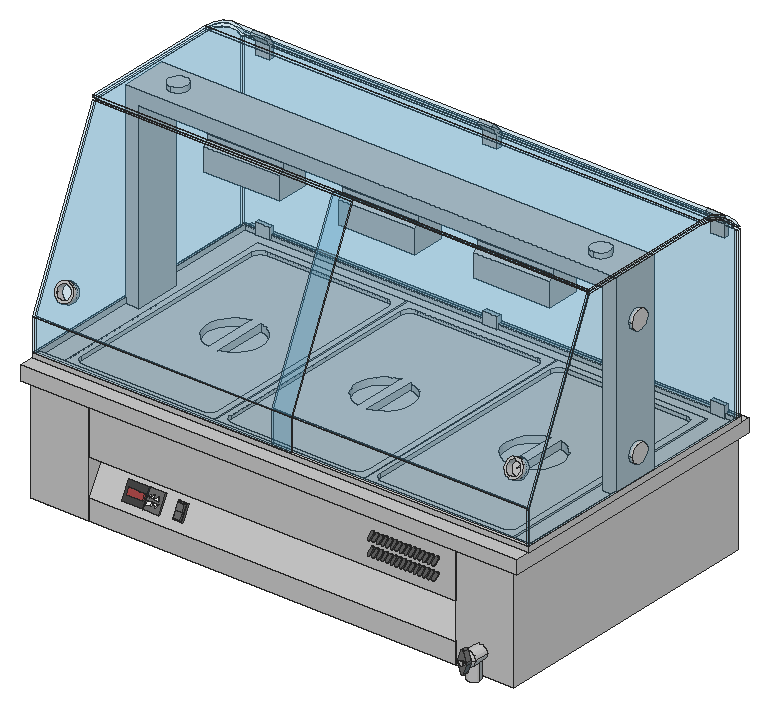
Revit family "QF_INOMAK_MBV610_250605101657", category Specialty Equipment, Revit 2021
Family settings
  Round Connector Dimension = Use Diameter
  Part Type = Normal
  OmniClass Number = 23.40.40.14
  OmniClass Title = Food Service Equipment
  Work Plane-Based = No
  Always vertical = Yes
  Cut with Voids When Loaded = No
  Shared = No
  Room Calculation Point = No
Parameters (values of type "MBV610")
  Weight [instance] = 58.0009 kg
  Waste Water Discharge Temperature [instance] = 0 °C
  Waste Remarks [instance] = ""
  Warranty Start Date [instance] = ""
  Warranty Duration [instance] = ""
  Volts [instance] = 230 V
  Volt Free Conn [instance] = no
  URL Recommended Spares List [instance] = ""
  URL Manufacturer [instance] = ""
  URL Cutsheet [instance] = ""
  URL Critical Spares List [instance] = ""
  URL = "www.inomak.com"
  Technical Documentation [instance] = ""
  Tag Number [instance] = ""
  Status [instance] = ""
  Start Up Current [instance] = 0 A
  Specification by User [instance] = ""
  Specification by Manufacturer [instance] = ""
  Sound Level [instance] = ""
  Show Logo [instance] = yes
  Show Clearances [instance] = yes
  Service Life Duration [instance] = ""
  Serial Number [instance] = ""
  Seismic Rating [instance] = ""
  SMACNA No [instance] = ""
  Revision Code [instance] = ""
  Revision [instance] = ""
  Production Year [instance] = ""
  Potential Equalisation [instance] = no
  Point Load [instance] = 0
  Plumbing Connection Type [instance] = ""
  Phase [instance] = 1
  Other Equipment Approvals [instance] = ""
  Operational Current [instance] = 0 A
  Number of Poles [instance] = 2
  No Load Power Draw [instance] = no
  NAFEM Spec ID Number [instance] = ""
  Model Warning [instance] = ""
  Model = "MBV610"
  Min Ckt Ampacity [instance] = 0 A
  Max Overcurrent Protection [instance] = 16 A
  Masterspec [instance] = ""
  Manufacturer = "INOMAK"
  Main switch integrated [instance] = no
  Length Actual [instance] = 1077.976 mm
  Item Number [instance] = ""
  Installed By [instance] = ""
  Installation Date [instance] = ""
  Indirect Waste Size [instance] = 25.4 mm
  Indirect Waste Remarks [instance] = ""
  Indirect Waste Flow [instance] = 0.0 L/s
  Indirect Waste Connection Type [instance] = ""
  Indirect Waste Connection Height [instance] = 0 mm
  Identify Quantity as Lot [instance] = no
  ID [instance] = ""
  Hygiene Approval [instance] = ""
  Height Actual [instance] = 707.898 mm
  HP power [instance] = ""
  Furnished By [instance] = ""
  Foodservice Equipment Identifier [instance] = no
  FL Amps [instance] = 10.4 A
  Electrical Remarks [instance] = ""
  Electric power [instance] = 2390 W
  Electric Connection Type [instance] = ""
  Elec Conn RI Height [instance] = 0 mm
  Elec Conn Connection Height [instance] = 0 mm
  ETL Approved [instance] = no
  Direct Waste Water Discharge Temperature [instance] = -273.15 °C
  Direct Waste Size [instance] = 25.4 mm
  Direct Waste RI Height [instance] = 0 mm
  Direct Waste Flow [instance] = 0.0 L/s
  Direct Waste Connection Height [instance] = 0 mm
  Description = "PORTABLE BAIN MARIE WITH 3 GN PANS CAPACITY AND SHOWCASE"
  Depth Actual [instance] = 628.904 mm
  Default Elevation = 0 mm
  Cycle [instance] = 50 Hz
  Cost = 0
  Connection to energy optimisation system [instance] = yes
  Conn Plug [instance] = ""
  Conn Conduit [instance] = no
  Centralized building control system with digital interface [instance] = ""
  CSI MasterFormat [instance] = ""
  CE Approved [instance] = no
  Barcode [instance] = 0
  Author [instance] = ""
  Asset Identifier [instance] = ""
  Apparent Power [instance] = 2390 VA
  Accessory [instance] = no
Reference planes
  plane 1 "Center (Front/Back)": y = 0
  plane 2: z = 0
  plane 3 "Center (Left/Right)": x = 0
Forms (mm)
  Extrusion 1, solid, not visible
    sketch origin (995.049, -600.029, 12.001) x (1, 0, 0) y (0, 1, 0)
      loop
        line (-2, 2) -> (-2, -2) -> (2, -2) -> (2, 2) -> (-2, 2)
    from -2 to 2
  Extrusion 2, solid, not visible
    sketch origin (80.004, -600.029, 12.001) x (1, 0, 0) y (0, 1, 0)
      loop
        line (-2, 2) -> (-2, -2) -> (2, -2) -> (2, 2) -> (-2, 2)
    from -2 to 2
Dimensions and locks
  locked: nested 2 to Extrusion 1 at 2  (x2)
  locked: nested 3 to Extrusion 2 at 2  (x2)
  aligned and locked: level to plane 2
Nested families
  nested 1: "QF_INOMAK_PORTABLE_BAIN_MARIES_1080_2920" at (0, 0, 0), type "MBV610"
    with Weight 58.0009 kg, Warranty Start Date "", Warranty Duration "", URL Cutsheet "", Technical Documentation "", Tag Number "", Status "", Specification by User "", Specification by Manufacturer "", Sound Level "", Solid Fuel Type "", Show Logo yes, Show Clearances yes, Service Life Duration "", Serial Number "", Seismic Rating "", SMACNA No "", Revision Code "", Revision "", Production Year "", Point Load 0, Other Equipment Approvals "", NAFEM Spec ID Number "", Model Warning "", Masterspec "", Length Actual 1077.976 mm, Item Number "", Installed By "", Installation Date "", Identify Quantity as Lot yes, ID "", Hygiene Approval "", Height Actual 707.898 mm, Furnished By "", Foodservice Equipment Identifier yes, ETL Approved yes, Depth Actual 628.904 mm, CSI MasterFormat "", CE Approved yes, Barcode "", Author "", Asset Identifier "", Accessory no
  nested 2: "CONN_POINT_DRAIN_2D___Generic_Annotation" at (995.049, -600.029, 10), type "CONN_POINT_DRAIN_2D___Generic_Annotation"
    with Onboard connection annotation symbol visibility yes
  nested 3: "CONN_POINT_ELE_2D___Generic_Annotation" at (80.004, -600.029, 10), type "CONN_POINT_ELE_2D___Generic_Annotation"
    with Onboard connection annotation symbol visibility yes
  nested 4: "QF_INOMAK_HEAT_WORKTOPS_HTVF_1080_4720" at (0, 0, 268), type "HTVF-1080-630"
    with Weight 0.00 kg, Warranty Start Date "", Warranty Duration "", URL Cutsheet "", Technical Documentation "", Tag Number "", Status "", Specification by User "", Specification by Manufacturer "", Sound Level "", Solid Fuel Type "", Show Logo yes, Show Clearances yes, Service Life Duration "", Serial Number "", Seismic Rating "", SMACNA No "", Revision Code "", Revision "", Production Year "", Point Load 0, Other Equipment Approvals "", NAFEM Spec ID Number "", Model Warning "", Masterspec "", Length Actual 1077.976 mm, Item Number "", Installed By "", Installation Date "", Identify Quantity as Lot yes, ID "", Hygiene Approval "", Height Actual 439.928 mm, Furnished By "", Foodservice Equipment Identifier yes, ETL Approved yes, Depth Actual 628.904 mm, CSI MasterFormat "", CE Approved yes, Barcode "", Author "", Asset Identifier "", Accessory yes
Connectors
  piping at (995.049, -600.029, 10), diameter 25.4, driven by "Indirect Waste Size", driven by "Direct Waste Flow"
    settings: on Extrusion 1, index 1, connector inside diameter 609.6 mm, connector length 0 mm, flow factor 0, pipe flow 0.0 L/s, pressure drop 0.0 Pa, fitting loss kfactor 0, connector angle 0.00°, fixture units 0, engagement length 0 mm, angle of deflection 0.00°, flow configuration 1, flow direction 2, fitting loss method 0, system type 16, joint type 0, gender type 0, connector reference index -1, connector utility 0, adjustable connector no, is connector primary yes, connector description "Waste connection for MBV610"
  electrical at (80.004, -600.029, 10), driven by "Apparent Power", driven by "Number of Poles", driven by "Volts"
    settings: on Extrusion 2, index 2, voltage 230 V, apparent load 0 VA, apparent load phase1 2390 VA, apparent load phase2 0 VA, apparent load phase3 0 VA, power factor 1, load classification "Other", number of poles 2, system type 31, power factor state 1, is connector primary yes, connector utility no, sub classification motor no, connector description "Electrical connection for MBV610"
Definition of nested family "QF_INOMAK_PORTABLE_BAIN_MARIES_1080_2920"
  Parameters (values of type "MBSQ610")
    Weight [instance] = 0.00 kg
    Warranty Start Date [instance] = ""
    Warranty Duration [instance] = ""
    URL Cutsheet [instance] = ""
    URL = "www.inomak.com"
    Technical Documentation [instance] = ""
    Tag Number [instance] = ""
    Status [instance] = ""
    Specification by User [instance] = ""
    Specification by Manufacturer [instance] = ""
    Sound Level [instance] = ""
    Solid Fuel Type [instance] = ""
    Show Logo [instance] = yes
    Show Clearances [instance] = yes
    Service Life Duration [instance] = ""
    Serial Number [instance] = ""
    Seismic Rating [instance] = ""
    SMACNA No [instance] = ""
    Revision Code [instance] = ""
    Revision [instance] = ""
    Production Year [instance] = ""
    Point Load [instance] = 0
    Other Equipment Approvals [instance] = ""
    NAFEM Spec ID Number [instance] = ""
    Model Warning [instance] = ""
    Model = "MBSQ610"
    Masterspec [instance] = ""
    Manufacturer = "INOMAK"
    Length Actual [instance] = 0 mm
    Item Number [instance] = ""
    Installed By [instance] = ""
    Installation Date [instance] = ""
    Identify Quantity as Lot [instance] = yes
    ID [instance] = ""
    Hygiene Approval [instance] = ""
    Height Actual [instance] = 0 mm
    Furnished By [instance] = ""
    Foodservice Equipment Identifier [instance] = yes
    ETL Approved [instance] = yes
    Description = "PORTABLE BAIN MARIE WITH 3 GN PANS CAPACITY AND SQUARE SHOWCASE"
    Depth Actual [instance] = 0 mm
    Default Elevation = 0 mm
    CSI MasterFormat [instance] = ""
    CE Approved [instance] = yes
    Barcode [instance] = ""
    Author [instance] = ""
    Asset Identifier [instance] = ""
    Assembly Code = "E1090320"
    Accessory [instance] = yes
  Types (5, lengths in mm): name | Model | Description
    MBV610 | "MBV610" | "PORTABLE BAIN MARIE WITH 3 GN PANS CAPACITY AND SHOWCASE"
    MAV610 | "MAV610" | "PORTABLE BAIN MARIE WITH 3 GN PANS CAPACITY"
    MEV610 | "MEV610" | "PORTABLE BAIN MARIE WITH 3 GN PANS CAPACITY AND SINGLE SNEEZE GUARD"
    MSV610 | "MSV610" | "PORTABLE BAIN MARIE WITH 3 GN PANS CAPACITY AND DOUBLE SNEEZE GUARD"
    MBSQ610 | "MBSQ610" | "PORTABLE BAIN MARIE WITH 3 GN PANS CAPACITY AND SQUARE SHOWCASE"
  Reference planes
    plane 1 "Back": y = 0
    plane 2: z = 0
    plane 3 "Left": x = 0
    plane 4 "Right": x = 1078
    plane 5 "Front": y = -629
    plane 6 "Top": z = 268
  Forms (mm)
    Extrusion 1, solid
      sketch origin (233.428, -636, -16.393) x (-1, 0, 0) y (0, 0, 1)
        loop
          arc (-522.253, 222.665) -> (-526.351, 223.763) -> (-527.449, 219.665) r 3
          line (-527.449, 219.665) -> (-518.449, 204.077)
          arc (-518.449, 204.077) -> (-514.351, 202.979) -> (-513.253, 207.077) r 3
          line (-513.253, 207.077) -> (-522.253, 222.665)
        loop
          arc (-532.253, 222.665) -> (-536.351, 223.763) -> (-537.449, 219.665) r 3
          line (-537.449, 219.665) -> (-528.449, 204.077)
          arc (-528.449, 204.077) -> (-524.351, 202.979) -> (-523.253, 207.077) r 3
          line (-523.253, 207.077) -> (-532.253, 222.665)
        loop
          arc (-542.253, 222.665) -> (-546.351, 223.763) -> (-547.449, 219.665) r 3
          line (-547.449, 219.665) -> (-538.449, 204.077)
          arc (-538.449, 204.077) -> (-534.351, 202.979) -> (-533.253, 207.077) r 3
          line (-533.253, 207.077) -> (-542.253, 222.665)
        loop
          arc (-552.253, 222.665) -> (-556.351, 223.763) -> (-557.449, 219.665) r 3
          line (-557.449, 219.665) -> (-548.449, 204.077)
          arc (-548.449, 204.077) -> (-544.351, 202.979) -> (-543.253, 207.077) r 3
          line (-543.253, 207.077) -> (-552.253, 222.665)
        loop
          arc (-562.253, 222.665) -> (-566.351, 223.763) -> (-567.449, 219.665) r 3
          line (-567.449, 219.665) -> (-558.449, 204.077)
          arc (-558.449, 204.077) -> (-554.351, 202.979) -> (-553.253, 207.077) r 3
          line (-553.253, 207.077) -> (-562.253, 222.665)
        loop
          arc (-572.253, 222.665) -> (-576.351, 223.763) -> (-577.449, 219.665) r 3
          line (-577.449, 219.665) -> (-568.449, 204.077)
          arc (-568.449, 204.077) -> (-564.351, 202.979) -> (-563.253, 207.077) r 3
          line (-563.253, 207.077) -> (-572.253, 222.665)
        loop
          arc (-582.253, 222.665) -> (-586.351, 223.763) -> (-587.449, 219.665) r 3
          line (-587.449, 219.665) -> (-578.449, 204.077)
          arc (-578.449, 204.077) -> (-574.351, 202.979) -> (-573.253, 207.077) r 3
          line (-573.253, 207.077) -> (-582.253, 222.665)
        loop
          arc (-592.253, 222.665) -> (-596.351, 223.763) -> (-597.449, 219.665) r 3
          line (-597.449, 219.665) -> (-588.449, 204.077)
          arc (-588.449, 204.077) -> (-584.351, 202.979) -> (-583.253, 207.077) r 3
          line (-583.253, 207.077) -> (-592.253, 222.665)
        loop
          arc (-602.253, 222.665) -> (-606.351, 223.763) -> (-607.449, 219.665) r 3
          line (-607.449, 219.665) -> (-598.449, 204.077)
          arc (-598.449, 204.077) -> (-594.351, 202.979) -> (-593.253, 207.077) r 3
          line (-593.253, 207.077) -> (-602.253, 222.665)
        loop
          arc (-612.253, 222.665) -> (-616.351, 223.763) -> (-617.449, 219.665) r 3
          line (-617.449, 219.665) -> (-608.449, 204.077)
          arc (-608.449, 204.077) -> (-604.351, 202.979) -> (-603.253, 207.077) r 3
          line (-603.253, 207.077) -> (-612.253, 222.665)
        loop
          arc (-622.253, 222.665) -> (-626.351, 223.763) -> (-627.449, 219.665) r 3
          line (-627.449, 219.665) -> (-618.449, 204.077)
          arc (-618.449, 204.077) -> (-614.351, 202.979) -> (-613.253, 207.077) r 3
          line (-613.253, 207.077) -> (-622.253, 222.665)
        loop
          arc (-632.253, 222.665) -> (-636.351, 223.763) -> (-637.449, 219.665) r 3
          line (-637.449, 219.665) -> (-628.449, 204.077)
          arc (-628.449, 204.077) -> (-624.351, 202.979) -> (-623.253, 207.077) r 3
          line (-623.253, 207.077) -> (-632.253, 222.665)
        loop
          arc (-642.253, 222.665) -> (-646.351, 223.763) -> (-647.449, 219.665) r 3
          line (-647.449, 219.665) -> (-638.449, 204.077)
          arc (-638.449, 204.077) -> (-634.351, 202.979) -> (-633.253, 207.077) r 3
          line (-633.253, 207.077) -> (-642.253, 222.665)
        loop
          arc (-652.253, 222.665) -> (-656.351, 223.763) -> (-657.449, 219.665) r 3
          line (-657.449, 219.665) -> (-648.449, 204.077)
          arc (-648.449, 204.077) -> (-644.351, 202.979) -> (-643.253, 207.077) r 3
          line (-643.253, 207.077) -> (-652.253, 222.665)
        loop
          arc (-662.253, 222.665) -> (-666.351, 223.763) -> (-667.449, 219.665) r 3
          line (-667.449, 219.665) -> (-658.449, 204.077)
          arc (-658.449, 204.077) -> (-654.351, 202.979) -> (-653.253, 207.077) r 3
          line (-653.253, 207.077) -> (-662.253, 222.665)
        loop
          arc (-522.253, 192.665) -> (-526.351, 193.763) -> (-527.449, 189.665) r 3
          line (-527.449, 189.665) -> (-518.449, 174.077)
          arc (-518.449, 174.077) -> (-514.351, 172.979) -> (-513.253, 177.077) r 3
          line (-513.253, 177.077) -> (-522.253, 192.665)
        loop
          arc (-532.253, 192.665) -> (-536.351, 193.763) -> (-537.449, 189.665) r 3
          line (-537.449, 189.665) -> (-528.449, 174.077)
          arc (-528.449, 174.077) -> (-524.351, 172.979) -> (-523.253, 177.077) r 3
          line (-523.253, 177.077) -> (-532.253, 192.665)
        loop
          arc (-542.253, 192.665) -> (-546.351, 193.763) -> (-547.449, 189.665) r 3
          line (-547.449, 189.665) -> (-538.449, 174.077)
          arc (-538.449, 174.077) -> (-534.351, 172.979) -> (-533.253, 177.077) r 3
          line (-533.253, 177.077) -> (-542.253, 192.665)
        loop
          arc (-552.253, 192.665) -> (-556.351, 193.763) -> (-557.449, 189.665) r 3
          line (-557.449, 189.665) -> (-548.449, 174.077)
          arc (-548.449, 174.077) -> (-544.351, 172.979) -> (-543.253, 177.077) r 3
          line (-543.253, 177.077) -> (-552.253, 192.665)
        loop
          arc (-562.253, 192.665) -> (-566.351, 193.763) -> (-567.449, 189.665) r 3
          line (-567.449, 189.665) -> (-558.449, 174.077)
          arc (-558.449, 174.077) -> (-554.351, 172.979) -> (-553.253, 177.077) r 3
          line (-553.253, 177.077) -> (-562.253, 192.665)
        loop
          arc (-572.253, 192.665) -> (-576.351, 193.763) -> (-577.449, 189.665) r 3
          line (-577.449, 189.665) -> (-568.449, 174.077)
          arc (-568.449, 174.077) -> (-564.351, 172.979) -> (-563.253, 177.077) r 3
          line (-563.253, 177.077) -> (-572.253, 192.665)
        loop
          arc (-582.253, 192.665) -> (-586.351, 193.763) -> (-587.449, 189.665) r 3
          line (-587.449, 189.665) -> (-578.449, 174.077)
          arc (-578.449, 174.077) -> (-574.351, 172.979) -> (-573.253, 177.077) r 3
          line (-573.253, 177.077) -> (-582.253, 192.665)
        loop
          arc (-592.253, 192.665) -> (-596.351, 193.763) -> (-597.449, 189.665) r 3
          line (-597.449, 189.665) -> (-588.449, 174.077)
          arc (-588.449, 174.077) -> (-584.351, 172.979) -> (-583.253, 177.077) r 3
          line (-583.253, 177.077) -> (-592.253, 192.665)
        loop
          arc (-602.253, 192.665) -> (-606.351, 193.763) -> (-607.449, 189.665) r 3
          line (-607.449, 189.665) -> (-598.449, 174.077)
          arc (-598.449, 174.077) -> (-594.351, 172.979) -> (-593.253, 177.077) r 3
          line (-593.253, 177.077) -> (-602.253, 192.665)
        loop
          arc (-612.253, 192.665) -> (-616.351, 193.763) -> (-617.449, 189.665) r 3
          line (-617.449, 189.665) -> (-608.449, 174.077)
          arc (-608.449, 174.077) -> (-604.351, 172.979) -> (-603.253, 177.077) r 3
          line (-603.253, 177.077) -> (-612.253, 192.665)
        loop
          arc (-622.253, 192.665) -> (-626.351, 193.763) -> (-627.449, 189.665) r 3
          line (-627.449, 189.665) -> (-618.449, 174.077)
          arc (-618.449, 174.077) -> (-614.351, 172.979) -> (-613.253, 177.077) r 3
          line (-613.253, 177.077) -> (-622.253, 192.665)
        loop
          arc (-632.253, 192.665) -> (-636.351, 193.763) -> (-637.449, 189.665) r 3
          line (-637.449, 189.665) -> (-628.449, 174.077)
          arc (-628.449, 174.077) -> (-624.351, 172.979) -> (-623.253, 177.077) r 3
          line (-623.253, 177.077) -> (-632.253, 192.665)
        loop
          arc (-642.253, 192.665) -> (-646.351, 193.763) -> (-647.449, 189.665) r 3
          line (-647.449, 189.665) -> (-638.449, 174.077)
          arc (-638.449, 174.077) -> (-634.351, 172.979) -> (-633.253, 177.077) r 3
          line (-633.253, 177.077) -> (-642.253, 192.665)
        loop
          arc (-652.253, 192.665) -> (-656.351, 193.763) -> (-657.449, 189.665) r 3
          line (-657.449, 189.665) -> (-648.449, 174.077)
          arc (-648.449, 174.077) -> (-644.351, 172.979) -> (-643.253, 177.077) r 3
          line (-643.253, 177.077) -> (-652.253, 192.665)
        loop
          arc (-662.253, 192.665) -> (-666.351, 193.763) -> (-667.449, 189.665) r 3
          line (-667.449, 189.665) -> (-658.449, 174.077)
          arc (-658.449, 174.077) -> (-654.351, 172.979) -> (-653.253, 177.077) r 3
          line (-653.253, 177.077) -> (-662.253, 192.665)
      from 16.5 to 18.5
    Extrusion 2, solid
      sketch origin (0, -641.208, 0) x (-1, 0, 0) y (0, 0, 1)
        loop
          line (-15, 10) -> (-15, 238) -> (-140, 238) -> (-140, 10) -> (-15, 10)
      from 22.208 to 631.208
    Extrusion 3, solid
      sketch origin (0, 0, 238) x (1, 0, 0) y (0, 1, 0)
        loop
          line (0, 0) -> (0, -629) -> (1078, -629) -> (1078, 0) -> (0, 0)
        loop
          line (51.5, -579) -> (1026.5, -579) -> (1026.5, -49) -> (51.5, -49) -> (51.5, -579)
      from 0 to 30
    Extrusion 4, solid
      sketch origin (1079, -641.208, 0) x (1, 0, 0) y (0, 0, -1)
        loop
          line (-15, -10) -> (-141, -10) -> (-141, -238) -> (-15, -238) -> (-15, -10)
      from 22.208 to 631.208
    Extrusion 5, solid
      sketch origin (-1, 0, 0) x (0, 1, 0) y (0, 0, 1)
        loop
          line (-619, 238) -> (-619, 133.92) -> (-579, 124.282) -> (-619, 55) -> (-619, 10) -> (-10, 10) -> (-10, 238) -> (-619, 238)
      from 141 to 939
    Revolve 6, solid
      sketch origin (0, -594, 0) x (-1, 0, 0) y (0, 0, 1)
        loop
          line (-27.5, 10) -> (-40, 10) -> (-40, 0) -> (-30, 0) -> (-27.5, 10)
        axis (-40, 0) -> (-40, 10)
      angle from 0 to 360
    Revolve 7, solid
      sketch origin (1078, -594, 0) x (1, 0, 0) y (0, 0, -1)
        loop
          line (-27.5, -10) -> (-30, 0) -> (-40, 0) -> (-40, -10) -> (-27.5, -10)
        axis (-40, 0) -> (-40, -10)
      angle from 0 to 360
    Extrusion 8, solid
      sketch origin (-1, -646.329, 9.665) x (-1, 0, 0) y (0, 0.5, 0.866025)
        loop
          line (-208.234, 108.408) -> (-253.234, 108.408) -> (-253.234, 68.408) -> (-208.234, 68.408) -> (-208.234, 108.408)
      from 0 to 2
    Extrusion 9, solid
      sketch origin (-612.766, -619.914, 59.417) x (-1, 0, 0) y (0, 0.5, 0.866025)
        loop
          line (-950, 15) -> (-930, 15) -> (-930, 50) -> (-950, 50) -> (-950, 15)
      from 0 to 3
    Extrusion 10, solid
      sketch origin (-584.766, -511.66, -3.083) x (0, 0.866025, -0.5) y (0, 0.5, 0.866025)
        loop
          line (-125, 18) -> (-125, 47)
          arc (-125, 47) -> (-127.961, 46.812) -> (-130.754, 45.81) r 10.576
          line (-130.754, 45.81) -> (-128, 32.5) -> (-128, 18) -> (-125, 18)
      from 905 to 919
    Extrusion 11, solid
      sketch origin (44, -646.329, 9.665) x (-1, 0, 0) y (0, 0.5, 0.866025)
        loop
          line (-208.234, 108.408) -> (-243.234, 108.408) -> (-243.234, 68.408) -> (-208.234, 68.408) -> (-208.234, 108.408)
      from 0 to 2
    Extrusion 12, solid
      sketch origin (-1, -646.762, 9.915) x (-1, 0, 0) y (0, 0.5, 0.866025)
        loop
          line (-213.234, 94.908) -> (-248.234, 94.908) -> (-248.234, 81.908) -> (-213.234, 81.908) -> (-213.234, 94.908)
      from 0 to 2.5
    Extrusion 13, solid
      sketch origin (-1, -646.762, 9.915) x (-1, 0, 0) y (0, 0.5, 0.866025)
        loop
          line (-271.558, 91.171) -> (-275.802, 98.522) -> (-280.047, 91.171) -> (-271.558, 91.171)
        loop
          line (-271.558, 85.645) -> (-280.047, 85.645) -> (-275.802, 78.294) -> (-271.558, 85.645)
        loop
          line (-257.397, 85.645) -> (-267.397, 85.645) -> (-267.397, 78.294) -> (-257.397, 78.294) -> (-257.397, 85.645)
        loop
          line (-265.397, 98.522) -> (-267.397, 98.522) -> (-267.397, 92.322) -> (-259.549, 92.322) -> (-259.549, 91.171) -> (-257.397, 93.322) -> (-259.549, 95.474) -> (-259.549, 94.322) -> (-265.397, 94.322) -> (-265.397, 98.522)
      from 0 to 2.5
    Revolve 14, solid
      sketch origin (0, -25, 0) x (-1, 0, 0) y (0, 0, -1)
        loop
          line (-27.5, -10) -> (-30, 0) -> (-40, 0) -> (-40, -10) -> (-27.5, -10)
        axis (-40, 0) -> (-40, -10)
      angle from 0 to 360
    Revolve 15, solid
      sketch origin (1078, -25, 0) x (1, 0, 0) y (0, 0, 1)
        loop
          line (-27.5, 10) -> (-40, 10) -> (-40, 0) -> (-30, 0) -> (-27.5, 10)
        axis (-40, 0) -> (-40, 10)
      angle from 0 to 360
    Extrusion 16, solid
      sketch origin (319, 4.125, 0) x (1, 0, 0) y (0, 1, 0)
        loop
          circle (672.38, -640.973) r 13
        loop
          circle (672.38, -640.973) r 11
      from 10 to 55
    Revolve 17, solid
      sketch origin (319, 1, 55) x (1, 0, 0) y (0, 1, 0)
        loop
          line (657.38, -620) -> (657.38, -651.68) -> (662.497, -655.973) -> (672.497, -655.973) -> (672.497, -620) -> (657.38, -620)
        axis (672.497, -655.973) -> (672.497, -620)
      angle from 0 to 360
    Extrusion 18, solid
      sketch origin (319, -629, 0) x (-1, 0, 0) y (0, 0, 1)
        loop
          circle (-672.38, 55) r 5
      from -41.78 to -25.973
    Extrusion 19, solid
      sketch origin (319, -629, 0) x (-1, 0, 0) y (0, 0, 1)
        loop
          arc (-682.087, 57.836) -> (-682.497, 55) -> (-682.087, 52.164) r 10
          line (-682.087, 52.164) -> (-676.619, 33.676)
          arc (-676.619, 33.676) -> (-672.497, 30.597) -> (-668.376, 33.676) r 4.298
          line (-668.376, 33.676) -> (-662.908, 52.164)
          arc (-662.908, 52.164) -> (-662.497, 55) -> (-662.908, 57.836) r 10
          line (-662.908, 57.836) -> (-668.376, 76.324)
          arc (-668.376, 76.324) -> (-672.497, 79.403) -> (-676.619, 76.324) r 4.298
          line (-676.619, 76.324) -> (-682.087, 57.836)
      from -39.243 to -29.243
    Extrusion 20, solid
      sketch origin (-3.5, 1, 0) x (1, 0, 0) y (0, 1, 0)
        loop
          line (55, -50) -> (55, -580) -> (380, -580) -> (380, -50) -> (55, -50)
        loop
          arc (87.5, -65) -> (73.358, -70.858) -> (67.5, -85) r 20
          line (67.5, -85) -> (67.5, -545.415)
          arc (67.5, -545.415) -> (73.358, -559.557) -> (87.5, -565.415) r 20
          line (87.5, -565.415) -> (347.5, -565.415)
          arc (347.5, -565.415) -> (361.642, -559.557) -> (367.5, -545.415) r 20
          line (367.5, -545.415) -> (367.5, -85)
          arc (367.5, -85) -> (361.642, -70.858) -> (347.5, -65) r 20
          line (347.5, -65) -> (87.5, -65)
      from 238 to 270
    Extrusion 21, solid
      sketch origin (-3.5, 1, -7) x (1, 0, 0) y (0, 1, 0)
        loop
          arc (67.5, -545.415) -> (73.358, -559.557) -> (87.5, -565.415) r 20
          line (87.5, -565.415) -> (347.5, -565.415)
          arc (347.5, -565.415) -> (361.642, -559.557) -> (367.5, -545.415) r 20
          line (367.5, -545.415) -> (367.5, -85)
          arc (367.5, -85) -> (361.642, -70.858) -> (347.5, -65) r 20
          line (347.5, -65) -> (87.5, -65)
          arc (87.5, -65) -> (73.358, -70.858) -> (67.5, -85) r 20
          line (67.5, -85) -> (67.5, -545.415)
      from 245 to 270
    Extrusion 22, void
      sketch origin (-3.5, 1, 8) x (1, 0, 0) y (0, 1, 0)
        loop
          arc (207.5, -256.046) -> (157.5, -315.207) -> (207.5, -374.368) r 60
          line (207.5, -374.368) -> (207.5, -256.046)
        loop
          line (227.5, -256.046) -> (227.5, -374.368)
          arc (227.5, -374.368) -> (277.5, -315.207) -> (227.5, -256.046) r 60
      from 240 to 270
    Extrusion 23, solid
      sketch origin (321.5, 1, 0) x (1, 0, 0) y (0, 1, 0)
        loop
          line (55, -50) -> (55, -580) -> (380, -580) -> (380, -50) -> (55, -50)
        loop
          arc (87.5, -65) -> (73.358, -70.858) -> (67.5, -85) r 20
          line (67.5, -85) -> (67.5, -545.415)
          arc (67.5, -545.415) -> (73.358, -559.557) -> (87.5, -565.415) r 20
          line (87.5, -565.415) -> (347.5, -565.415)
          arc (347.5, -565.415) -> (361.642, -559.557) -> (367.5, -545.415) r 20
          line (367.5, -545.415) -> (367.5, -85)
          arc (367.5, -85) -> (361.642, -70.858) -> (347.5, -65) r 20
          line (347.5, -65) -> (87.5, -65)
      from 238 to 270
    Extrusion 24, solid
      sketch origin (321.5, 1, -7) x (1, 0, 0) y (0, 1, 0)
        loop
          arc (67.5, -545.415) -> (73.358, -559.557) -> (87.5, -565.415) r 20
          line (87.5, -565.415) -> (347.5, -565.415)
          arc (347.5, -565.415) -> (361.642, -559.557) -> (367.5, -545.415) r 20
          line (367.5, -545.415) -> (367.5, -85)
          arc (367.5, -85) -> (361.642, -70.858) -> (347.5, -65) r 20
          line (347.5, -65) -> (87.5, -65)
          arc (87.5, -65) -> (73.358, -70.858) -> (67.5, -85) r 20
          line (67.5, -85) -> (67.5, -545.415)
      from 245 to 270
    Extrusion 25, void
      sketch origin (321.5, 1, 8) x (1, 0, 0) y (0, 1, 0)
        loop
          arc (207.5, -256.046) -> (157.5, -315.207) -> (207.5, -374.368) r 60
          line (207.5, -374.368) -> (207.5, -256.046)
        loop
          line (227.5, -256.046) -> (227.5, -374.368)
          arc (227.5, -374.368) -> (277.5, -315.207) -> (227.5, -256.046) r 60
      from 240 to 270
    Extrusion 26, solid
      sketch origin (646.5, 1, 0) x (1, 0, 0) y (0, 1, 0)
        loop
          line (55, -50) -> (55, -580) -> (380, -580) -> (380, -50) -> (55, -50)
        loop
          arc (87.5, -65) -> (73.358, -70.858) -> (67.5, -85) r 20
          line (67.5, -85) -> (67.5, -545.415)
          arc (67.5, -545.415) -> (73.358, -559.557) -> (87.5, -565.415) r 20
          line (87.5, -565.415) -> (347.5, -565.415)
          arc (347.5, -565.415) -> (361.642, -559.557) -> (367.5, -545.415) r 20
          line (367.5, -545.415) -> (367.5, -85)
          arc (367.5, -85) -> (361.642, -70.858) -> (347.5, -65) r 20
          line (347.5, -65) -> (87.5, -65)
      from 238 to 270
    Extrusion 27, solid
      sketch origin (646.5, 1, -7) x (1, 0, 0) y (0, 1, 0)
        loop
          arc (67.5, -545.415) -> (73.358, -559.557) -> (87.5, -565.415) r 20
          line (87.5, -565.415) -> (347.5, -565.415)
          arc (347.5, -565.415) -> (361.642, -559.557) -> (367.5, -545.415) r 20
          line (367.5, -545.415) -> (367.5, -85)
          arc (367.5, -85) -> (361.642, -70.858) -> (347.5, -65) r 20
          line (347.5, -65) -> (87.5, -65)
          arc (87.5, -65) -> (73.358, -70.858) -> (67.5, -85) r 20
          line (67.5, -85) -> (67.5, -545.415)
      from 245 to 270
    Extrusion 28, void
      sketch origin (646.5, 1, 8) x (1, 0, 0) y (0, 1, 0)
        loop
          arc (207.5, -256.046) -> (157.5, -315.207) -> (207.5, -374.368) r 60
          line (207.5, -374.368) -> (207.5, -256.046)
        loop
          line (227.5, -256.046) -> (227.5, -374.368)
          arc (227.5, -374.368) -> (277.5, -315.207) -> (227.5, -256.046) r 60
      from 240 to 270
  Cuts and joins
    Extrusion 22, Extrusion 25 cuts Extrusion 21
    Extrusion 25, Extrusion 28 cuts Extrusion 24
    Extrusion 28 cuts Extrusion 27
  Lines and regions (mm)
    symbolic lines
      curve 1: line (0, 0, 0) -> (1078, 0, 0)
      curve 2: line (0, -629, 0) -> (0, 0, 0)
      curve 3: line (1078, -629, 0) -> (0, -629, 0)
      curve 4: line (1078, 0, 0) -> (1078, -629, 0)
      curve 5: line (51.5, -49, 0) -> (1026.5, -49, 0)
      curve 6: line (51.5, -579, 0) -> (51.5, -49, 0)
      curve 7: line (1026.5, -579, 0) -> (51.5, -579, 0)
      curve 8: line (701.5, -49, 0) -> (701.5, -579, 0)
      curve 9: line (376.5, -49, 0) -> (376.5, -579, 0)
      curve 10: line (1026.5, -49, 0) -> (1026.5, -579, 0)
      curve 11: line (84, -64, 0) -> (344, -64, 0)
      curve 12: arc (344, -64, 0) -> (358.142, -69.858, 0) -> (364, -84, 0) r 20
      curve 13: line (364, -84, 0) -> (364, -544.415, 0)
      curve 14: arc (364, -544.415, 0) -> (358.142, -558.557, 0) -> (344, -564.415, 0) r 20
      curve 15: line (344, -564.415, 0) -> (84, -564.415, 0)
      curve 16: arc (84, -564.415, 0) -> (69.858, -558.557, 0) -> (64, -544.415, 0) r 20
      curve 17: line (64, -544.415, 0) -> (64, -84, 0)
      curve 18: arc (64, -84, 0) -> (69.858, -69.858, 0) -> (84, -64, 0) r 20
      curve 19: arc (204, -255.046, 0) -> (154, -314.207, 0) -> (204, -373.368, 0) r 60
      curve 20: line (204, -373.368, 0) -> (204, -255.046, 0)
      curve 21: line (224, -255.046, 0) -> (224, -373.368, 0)
      curve 22: arc (224, -373.368, 0) -> (274, -314.207, 0) -> (224, -255.046, 0) r 60
      curve 23: line (389, -544.415, 0) -> (389, -84, 0)
      curve 24: arc (389, -84, 0) -> (394.858, -69.858, 0) -> (409, -64, 0) r 20
      curve 25: line (409, -64, 0) -> (669, -64, 0)
      curve 26: arc (669, -64, 0) -> (683.142, -69.858, 0) -> (689, -84, 0) r 20
      curve 27: line (689, -84, 0) -> (689, -544.415, 0)
      curve 28: arc (689, -544.415, 0) -> (683.142, -558.557, 0) -> (669, -564.415, 0) r 20
      curve 29: line (669, -564.415, 0) -> (409, -564.415, 0)
      curve 30: arc (409, -564.415, 0) -> (394.858, -558.557, 0) -> (389, -544.415, 0) r 20
      curve 31: arc (529, -255.046, 0) -> (479, -314.207, 0) -> (529, -373.368, 0) r 60
      curve 32: line (529, -373.368, 0) -> (529, -255.046, 0)
      curve 33: line (549, -255.046, 0) -> (549, -373.368, 0)
      curve 34: arc (549, -373.368, 0) -> (599, -314.207, 0) -> (549, -255.046, 0) r 60
      curve 35: arc (854, -255.046, 0) -> (804, -314.207, 0) -> (854, -373.368, 0) r 60
      curve 36: line (854, -373.368, 0) -> (854, -255.046, 0)
      curve 37: line (874, -255.046, 0) -> (874, -373.368, 0)
      curve 38: arc (874, -373.368, 0) -> (924, -314.207, 0) -> (874, -255.046, 0) r 60
      curve 39: line (714, -544.415, 0) -> (714, -84, 0)
      curve 40: arc (714, -84, 0) -> (719.858, -69.858, 0) -> (734, -64, 0) r 20
      curve 41: line (734, -64, 0) -> (994, -64, 0)
      curve 42: arc (994, -64, 0) -> (1008.142, -69.858, 0) -> (1014, -84, 0) r 20
      curve 43: line (1014, -84, 0) -> (1014, -544.415, 0)
      curve 44: arc (1014, -544.415, 0) -> (1008.142, -558.557, 0) -> (994, -564.415, 0) r 20
      curve 45: line (994, -564.415, 0) -> (734, -564.415, 0)
      curve 46: arc (734, -564.415, 0) -> (719.858, -558.557, 0) -> (714, -544.415, 0) r 20
  Dimensions and locks
    plane 3 "Left" to plane 4 "Right" = 1078 mm
    plane 5 "Front" to plane 1 "Back" = 629 mm
    plane 6 "Top" to plane 2 = 268 mm
    aligned and locked: level to plane 2
Definition of nested family "QF_INOMAK_HEAT_WORKTOPS_HTVF_1080_4720"
  Parameters (values of type "HTVF-1080-630")
    Weight [instance] = 0.00 kg
    Warranty Start Date [instance] = ""
    Warranty Duration [instance] = ""
    URL Cutsheet [instance] = ""
    URL = "www.inomak.com"
    Technical Documentation [instance] = ""
    Tag Number [instance] = ""
    Status [instance] = ""
    Specification by User [instance] = ""
    Specification by Manufacturer [instance] = ""
    Sound Level [instance] = ""
    Solid Fuel Type [instance] = ""
    Show Logo [instance] = yes
    Show Clearances [instance] = yes
    Service Life Duration [instance] = ""
    Serial Number [instance] = ""
    Seismic Rating [instance] = ""
    SMACNA No [instance] = ""
    Revision Code [instance] = ""
    Revision [instance] = ""
    Production Year [instance] = ""
    Point Load [instance] = 0
    Other Equipment Approvals [instance] = ""
    NAFEM Spec ID Number [instance] = ""
    Model Warning [instance] = ""
    Model = "HTVF"
    Masterspec [instance] = ""
    Manufacturer = "INOMAK"
    Length Actual [instance] = 0 mm
    Item Number [instance] = ""
    Installed By [instance] = ""
    Installation Date [instance] = ""
    Identify Quantity as Lot [instance] = yes
    ID [instance] = ""
    Hygiene Approval [instance] = ""
    Height Actual [instance] = 0 mm
    Furnished By [instance] = ""
    Foodservice Equipment Identifier [instance] = yes
    ETL Approved [instance] = yes
    Description = "FULL LENGTH VITRINE"
    Depth Actual [instance] = 0 mm
    Default Elevation = 0 mm
    CSI MasterFormat [instance] = ""
    CE Approved [instance] = yes
    Barcode [instance] = ""
    Author [instance] = ""
    Asset Identifier [instance] = ""
    Assembly Code = "E1090320"
    Accessory [instance] = yes
  Reference planes
    plane 1 "Back": y = 0
    plane 2: z = 0
    plane 3 "Left": x = 0
    plane 4 "Right": x = 1078
    plane 5 "Front": y = -629
    plane 6 "Top": z = 440
  Forms (mm)
    Extrusion 1, solid
      sketch origin (1080, -2300.77, 3167) x (0, -1, 0) y (0, 0, 1)
        loop
          line (-2280.77, -3157) -> (-2275.77, -3157) -> (-2275.77, -2791.06) -> (-2280.77, -2791.06) -> (-2280.77, -3157)
      from 2 to 1080
    Extrusion 2, solid
      sketch origin (0, 0, -833) x (0, 1, 0) y (0, 0, 1)
        loop
          line (-596, 843) -> (-30, 843) -> (-30, 1210.94)
          arc (-30, 1210.94) -> (-72.588, 1249.179) -> (-128.129, 1263) r 118.514
          line (-128.129, 1263) -> (-432.792, 1263) -> (-596, 913) -> (-596, 843)
      from 0 to 5
    Extrusion 3, solid
      sketch origin (1080, 0, -833) x (0, -1, 0) y (0, 0, 1)
        loop
          line (20, 1213.94) -> (25.993, 1213.94)
          arc (25.993, 1213.94) -> (70.349, 1253.652) -> (128.129, 1268) r 123.514
          line (128.129, 1268) -> (432.8, 1268) -> (432.8, 1273) -> (128.129, 1273)
          arc (128.129, 1273) -> (66.526, 1257.273) -> (20, 1213.94) r 128.514
      from 2 to 1080
    Extrusion 4, solid
      sketch origin (0, 1874.578, 0) x (0, 1, 0) y (-1, 0, 0)
        loop
          line (-1894.578, 0) -> (-2470.578, 0) -> (-2470.578, -1078) -> (-1894.578, -1078) -> (-1894.578, 0)
        loop
          line (-2460.578, -5) -> (-2460.578, -1073) -> (-1899.578, -1073) -> (-1899.578, -5) -> (-2460.578, -5)
      from 0 to 10
    Extrusion 5, solid
      sketch origin (1078, -2300.77, 3167) x (0, -1, 0) y (0, 0, 1)
        loop
          line (-1704.77, -3157) -> (-1704.77, -3087) -> (-1867.977, -2737) -> (-2172.64, -2737)
          arc (-2172.64, -2737) -> (-2228.182, -2750.821) -> (-2270.77, -2789.06) r 118.514
          line (-2270.77, -2789.06) -> (-2270.77, -3157) -> (-1704.77, -3157)
      from 0 to 5
    Extrusion 6, solid
      sketch origin (789.276, 0, -833) x (0, -1, 0) y (0, 0, 1)
        loop
          line (596, 913) -> (432.792, 1263) -> (427.275, 1263) -> (591, 911.892) -> (591, 843) -> (596, 843) -> (596, 913)
      from 226.776 to 784.276
    Extrusion 7, solid
      sketch origin (-0.276, 0, -833) x (0, -1, 0) y (0, 0, -1)
        loop
          line (591, -843) -> (586, -843) -> (586, -910.783) -> (421.759, -1263) -> (427.275, -1263) -> (591, -911.892) -> (591, -843)
      from 516.776 to 1073.276
    Extrusion 8, void
      sketch origin (789.276, -596, 80) x (0, -0.422618, -0.906308) y (-1, 0, 0)
        loop
          circle (-59.994, 736.477) r 20
      from -10.04 to 20
    Extrusion 9, solid
      sketch origin (789.276, -596, 80) x (0, 0.422618, 0.906308) y (-1, 0, 0)
        loop
          circle (59.994, 736.477) r 15
        loop
          circle (59.994, 736.477) r 20
      from -10 to 5
    Extrusion 10, solid
      sketch origin (-1.276, -591, 78.892) x (0, 0.422618, 0.906308) y (-1, 0, 0)
        loop
          circle (58.886, -1026.477) r 15
        loop
          circle (58.886, -1026.477) r 20
      from -10 to 5
    Extrusion 11, void
      sketch origin (-1.276, -591, 78.892) x (0, -0.422618, -0.906308) y (-1, 0, 0)
        loop
          circle (-58.886, -1026.477) r 20
      from -17.606 to 20.583
    Extrusion 12, solid
      sketch origin (60, 0, -833) x (0, -1, 0) y (0, 0, 1)
        loop
          line (18, 1214.525) -> (18, 1183.94) -> (27, 1183.94) -> (27, 1211.854)
          arc (27, 1211.854) -> (33.636, 1220.884) -> (41.076, 1229.265) r 121.514
          line (41.076, 1229.265) -> (34.712, 1235.629)
          arc (34.712, 1235.629) -> (25.81, 1225.509) -> (18, 1214.525) r 130.514
      from 0 to 30
    Extrusion 13, solid
      sketch origin (554, 0, -833) x (0, -1, 0) y (0, 0, 1)
        loop
          line (18, 1214.525) -> (18, 1183.94) -> (27, 1183.94) -> (27, 1211.854)
          arc (27, 1211.854) -> (33.636, 1220.884) -> (41.076, 1229.265) r 121.514
          line (41.076, 1229.265) -> (34.712, 1235.629)
          arc (34.712, 1235.629) -> (25.81, 1225.509) -> (18, 1214.525) r 130.514
      from 0 to 30
    Extrusion 14, solid
      sketch origin (790, 0, -873) x (0, -1, 0) y (0, 0, 1)
        loop
          line (18, 873) -> (27, 873) -> (27, 898) -> (18, 898) -> (18, 873)
      from 730 to 760
    Extrusion 15, solid
      sketch origin (1284, 0, -873) x (0, -1, 0) y (0, 0, 1)
        loop
          line (18, 873) -> (27, 873) -> (27, 898) -> (18, 898) -> (18, 873)
      from 730 to 760
    Extrusion 16, solid
      sketch origin (0, -695.221, -833) x (-1, 0, 0) y (0, 0, 1)
        loop
          line (-5, 833) -> (-5, 1258) -> (-1073, 1258) -> (-1073, 833) -> (-1043, 833) -> (-1043, 1228) -> (-35, 1228) -> (-35, 833) -> (-5, 833)
      from 345.221 to 445.221
    Extrusion 17, solid
      sketch origin (790, 0, -833) x (0, -1, 0) y (0, 0, 1)
        loop
          circle (300, 1158) r 20
      from 785 to 795
    Extrusion 18, solid
      sketch origin (790, 0, 1357) x (0, -1, 0) y (0, 0, 1)
        loop
          circle (300, -1292) r 20
      from 785 to 795
    Extrusion 19, solid
      sketch origin (288, 0, -833) x (0, -1, 0) y (0, 0, -1)
        loop
          circle (300, -1158) r 20
      from 785 to 795
    Extrusion 20, solid
      sketch origin (288, 0, 1357) x (0, -1, 0) y (0, 0, -1)
        loop
          circle (300, 1292) r 20
      from 785 to 795
    Extrusion 21, solid
      sketch origin (0, 1874.578, 40) x (0, 1, 0) y (-1, 0, 0)
        loop
          circle (-2174.578, -80) r 20
      from 385 to 395
    Extrusion 22, solid
      sketch origin (-2, 1874.578, 40) x (0, 1, 0) y (-1, 0, 0)
        loop
          circle (-2174.578, -1000) r 20
      from 385 to 395
    Extrusion 23, solid
      sketch origin (1018, 0, -833) x (0, -1, 0) y (0, 0, -1)
        loop
          arc (18, -1214.525) -> (25.81, -1225.509) -> (34.712, -1235.629) r 130.514
          line (34.712, -1235.629) -> (41.076, -1229.265)
          arc (41.076, -1229.265) -> (33.636, -1220.884) -> (27, -1211.854) r 121.514
          line (27, -1211.854) -> (27, -1183.94) -> (18, -1183.94) -> (18, -1214.525)
      from 0 to 30
    Extrusion 24, solid
      sketch origin (288, 0, -873) x (0, -1, 0) y (0, 0, -1)
        loop
          line (18, -873) -> (18, -898) -> (27, -898) -> (27, -873) -> (18, -873)
      from 730 to 760
    Extrusion 25, solid
      sketch origin (152.75, 0, 0) x (0, 1, 0) y (0, 0, 1)
        loop
          line (-265, 395) -> (-335, 395) -> (-335, 385) -> (-324.393, 374.393) -> (-275.607, 374.393) -> (-265, 385) -> (-265, 395)
      from 10 to 175
    Extrusion 26, solid
      sketch origin (162.75, 0, 0) x (0, 1, 0) y (0, 0, 1)
        loop
          line (-275.607, 374.393) -> (-324.393, 374.393) -> (-324.393, 364.393) -> (-335, 353.787) -> (-335, 305) -> (-265, 305) -> (-265, 353.787) -> (-275.607, 364.393) -> (-275.607, 374.393)
      from 0 to 5
    Extrusion 27, solid
      sketch origin (167.75, 0, 0) x (0, 1, 0) y (0, 0, 1)
        loop
          line (-275.607, 374.393) -> (-324.393, 374.393) -> (-324.393, 364.393) -> (-335, 353.787) -> (-335, 305) -> (-330, 305) -> (-330, 348.787) -> (-270, 348.787) -> (-270, 305) -> (-265, 305) -> (-265, 353.787) -> (-275.607, 364.393) -> (-275.607, 374.393)
      from 0 to 155
    Extrusion 28, solid
      sketch origin (322.75, 0, 0) x (0, 1, 0) y (0, 0, 1)
        loop
          line (-275.607, 374.393) -> (-324.393, 374.393) -> (-324.393, 364.393) -> (-335, 353.787) -> (-335, 305) -> (-265, 305) -> (-265, 353.787) -> (-275.607, 364.393) -> (-275.607, 374.393)
      from 0 to 5
    Extrusion 29, solid
      sketch origin (446.5, 0, 0) x (0, 1, 0) y (0, 0, 1)
        loop
          line (-265, 395) -> (-335, 395) -> (-335, 385) -> (-324.393, 374.393) -> (-275.607, 374.393) -> (-265, 385) -> (-265, 395)
      from 10 to 175
    Extrusion 30, solid
      sketch origin (456.5, 0, 0) x (0, 1, 0) y (0, 0, 1)
        loop
          line (-275.607, 374.393) -> (-324.393, 374.393) -> (-324.393, 364.393) -> (-335, 353.787) -> (-335, 305) -> (-265, 305) -> (-265, 353.787) -> (-275.607, 364.393) -> (-275.607, 374.393)
      from 0 to 5
    Extrusion 31, solid
      sketch origin (461.5, 0, 0) x (0, 1, 0) y (0, 0, 1)
        loop
          line (-275.607, 374.393) -> (-324.393, 374.393) -> (-324.393, 364.393) -> (-335, 353.787) -> (-335, 305) -> (-330, 305) -> (-330, 348.787) -> (-270, 348.787) -> (-270, 305) -> (-265, 305) -> (-265, 353.787) -> (-275.607, 364.393) -> (-275.607, 374.393)
      from 0 to 155
    Extrusion 32, solid
      sketch origin (616.5, 0, 0) x (0, 1, 0) y (0, 0, 1)
        loop
          line (-275.607, 374.393) -> (-324.393, 374.393) -> (-324.393, 364.393) -> (-335, 353.787) -> (-335, 305) -> (-265, 305) -> (-265, 353.787) -> (-275.607, 364.393) -> (-275.607, 374.393)
      from 0 to 5
    Extrusion 33, solid
      sketch origin (925.25, 0, 0) x (0, 1, 0) y (0, 0, -1)
        loop
          line (-265, -395) -> (-265, -385) -> (-275.607, -374.393) -> (-324.393, -374.393) -> (-335, -385) -> (-335, -395) -> (-265, -395)
      from 10 to 175
    Extrusion 34, solid
      sketch origin (915.25, 0, 0) x (0, 1, 0) y (0, 0, -1)
        loop
          line (-275.607, -374.393) -> (-275.607, -364.393) -> (-265, -353.787) -> (-265, -305) -> (-335, -305) -> (-335, -353.787) -> (-324.393, -364.393) -> (-324.393, -374.393) -> (-275.607, -374.393)
      from 0 to 5
    Extrusion 35, solid
      sketch origin (910.25, 0, 0) x (0, 1, 0) y (0, 0, -1)
        loop
          line (-275.607, -374.393) -> (-275.607, -364.393) -> (-265, -353.787) -> (-265, -305) -> (-270, -305) -> (-270, -348.787) -> (-330, -348.787) -> (-330, -305) -> (-335, -305) -> (-335, -353.787) -> (-324.393, -364.393) -> (-324.393, -374.393) -> (-275.607, -374.393)
      from 0 to 155
    Extrusion 36, solid
      sketch origin (755.25, 0, 0) x (0, 1, 0) y (0, 0, -1)
        loop
          line (-275.607, -374.393) -> (-275.607, -364.393) -> (-265, -353.787) -> (-265, -305) -> (-335, -305) -> (-335, -353.787) -> (-324.393, -364.393) -> (-324.393, -374.393) -> (-275.607, -374.393)
      from 0 to 5
  Cuts and joins
    Extrusion 8 cuts Extrusion 6
    Extrusion 11 cuts Extrusion 7
    joined: Extrusion 26, Extrusion 27, Extrusion 28
    joined: Extrusion 30, Extrusion 31, Extrusion 32
    joined: Extrusion 34, Extrusion 35, Extrusion 36
  Lines and regions (mm)
    Masking region 1
      outline origin (0, 0, 0) x (1, 0, 0) y (0, 1, 0)
        loop
          line (0, -20) -> (0, -596) -> (1078, -596) -> (1078, -20) -> (0, -20)
    symbolic lines
      curve 1: line (0, -20, 0) -> (1078, -20, 0)
      curve 2: line (0, -596, 0) -> (0, -20, 0)
      curve 3: line (1078, -596, 0) -> (0, -596, 0)
      curve 4: line (1078, -20, 0) -> (1078, -596, 0)
      curve 5: line (0, -432.8, 0) -> (1078, -432.8, 0)
      curve 6: line (562.5, -432.8, 0) -> (562.5, -596, 0)
      curve 7: spline (32.799, -570.645, 0) -> (33.48, -568.458, 0) -> (35.478, -566.419, 0) -> (38.657, -564.669, 0) -> (42.799, -563.325, 0) -> (47.623, -562.481, 0) -> (52.799, -562.193, 0) -> (57.975, -562.481, 0) -> (62.799, -563.325, 0) -> (66.941, -564.669, 0) -> (70.119, -566.419, 0) -> (72.117, -568.458, 0) -> (72.799, -570.645, 0) -> (72.117, -572.833, 0) -> (70.119, -574.872, 0) -> (66.941, -576.622, 0) -> (62.799, -577.965, 0) -> (57.975, -578.81, 0) -> (52.799, -579.098, 0) -> (47.623, -578.81, 0) -> (42.799, -577.965, 0) -> (38.657, -576.622, 0) -> (35.478, -574.872, 0) -> (33.48, -572.833, 0) -> (32.799, -570.645, 0)
      curve 8: spline (1005.201, -566.114, 0) -> (1005.883, -563.926, 0) -> (1007.881, -561.888, 0) -> (1011.059, -560.137, 0) -> (1015.201, -558.794, 0) -> (1020.025, -557.949, 0) -> (1025.201, -557.661, 0) -> (1030.377, -557.949, 0) -> (1035.201, -558.794, 0) -> (1039.343, -560.137, 0) -> (1042.522, -561.888, 0) -> (1044.52, -563.926, 0) -> (1045.201, -566.114, 0) -> (1044.52, -568.301, 0) -> (1042.522, -570.34, 0) -> (1039.343, -572.091, 0) -> (1035.201, -573.434, 0) -> (1030.377, -574.278, 0) -> (1025.201, -574.566, 0) -> (1020.025, -574.278, 0) -> (1015.201, -573.434, 0) -> (1011.059, -572.091, 0) -> (1007.881, -570.34, 0) -> (1005.883, -568.301, 0) -> (1005.201, -566.114, 0)
  Dimensions and locks
    plane 3 "Left" to plane 4 "Right" = 1078 mm
    plane 5 "Front" to plane 1 "Back" = 629 mm
    plane 6 "Top" to plane 2 = 440 mm
    aligned and locked: level to plane 2
Definition of nested family "CONN_POINT_DRAIN_2D___Generic_Annotation"
  Parameters (values of type "CONN_POINT_DRAIN_2D___Generic_Annotation")
    Onboard connection annotation symbol visibility [instance] = yes
  Reference planes
    plane 1: y = 0
    plane 2: x = 0
  Lines and regions (mm)
    detail lines, visible <- "Onboard connection annotation symbol visibility"
      curve 1: circle (0, 0, 0) r 0.5 normal (0, 0, 1)
      curve 2: line (-1, 0, 0) -> (1, 0, 0)
      curve 3: line (0, 1, 0) -> (0, -1, 0)
      curve 4: line (1.776, 1, 0) -> (1.25, 1, 0)
      curve 5: line (1.25, 1, 0) -> (1.25, -1, 0)
      curve 6: line (1.25, -1, 0) -> (1.776, -1, 0)
      curve 7: arc (2.206, -0.862, 0) -> (2.459, -0.589, 0) -> (2.583, -0.238, 0) r 0.918
      curve 8: arc (2.583, 0.238, 0) -> (2.459, 0.589, 0) -> (2.206, 0.862, 0) r 0.918
      curve 9: arc (2.583, -0.238, 0) -> (2.599, 0, 0) -> (2.583, 0.238, 0) r 1.77
      curve 10: arc (2.206, 0.862, 0) -> (2.002, 0.965, 0) -> (1.776, 1, 0) r 0.741
      curve 11: arc (1.776, -1, 0) -> (2.002, -0.965, 0) -> (2.206, -0.862, 0) r 0.741
Definition of nested family "CONN_POINT_ELE_2D___Generic_Annotation"
  Parameters (values of type "CONN_POINT_ELE_2D___Generic_Annotation")
    Onboard connection annotation symbol visibility [instance] = yes
  Reference planes
    plane 1: y = 0
    plane 2: x = 0
  Lines and regions (mm)
    detail lines, visible <- "Onboard connection annotation symbol visibility"
      curve 1: circle (0, 0, 0) r 0.5 normal (0, 0, 1)
      curve 2: line (-1, 0, 0) -> (1, 0, 0)
      curve 3: line (0, 1, 0) -> (0, -1, 0)
      curve 4: line (2.5, 1, 0) -> (1.25, 1, 0)
      curve 5: line (1.25, 1, 0) -> (1.25, -1, 0)
      curve 6: line (1.25, -1, 0) -> (2.5, -1, 0)
      curve 7: line (1.25, 0, 0) -> (2, 0, 0)
